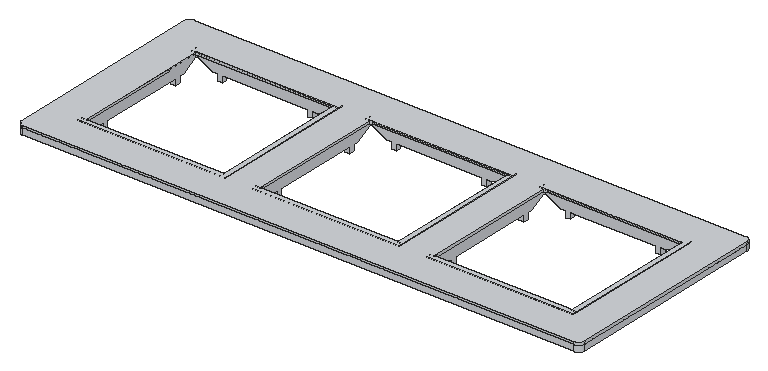
Revit family "Gira_0213095", category Electrical Fixtures, host Face, Revit 2017
Family settings
  Host = Face
  Maintain Annotation Orientation = No
  Round Connector Dimension = Use Diameter
  Part Type = Normal
  Cut with Voids When Loaded = No
  Shared = No
  Room Calculation Point = No
Parameters (values of type "Cov.fr. 3-g flat Gira E2 black m")
  URL = "http://katalog.gira.de/en/datenblatt.html?artikelnr=0213095"
  Transparent = "No"
  Name = "Cov.fr. 3-g flat Gira E2 black m"
  Manufacturer URL = "https://www.gira.de/"
  Manufacturer = "Gira"
  Label space/information surface = "No"
  Keynote = ""
  HeinzeBIM = "https://bimportal.heinze.de/bim/cov-fr-3-g-flat-gira-e2-black-m/f21f61da05f89be87c521399254bb68a1e01183b"
  HAN = "0213095"
  GTIN = "4010337036838"
  Description = "Cov.fr.3g flat E2 BKm,Gira E2 cover frame for flat installation,black matt,3-gang,"
  Default Elevation = 1219.2 mm
  Data sheet (1) = "https://katalog.gira.de/en/download.html?artikelnr=0213095"
  Category = "Cover frame for domestic switching devices"
  BIM (1) = "https://media.stage.bim.site/public/gira/36a6b08/E2flach_Rahmen_3fach.rfa"
  Available = "No"
Reference planes
  plane 1 "Center (Front/Back)": y = 0
  plane 2: z = 0
  plane 3 "Center (Left/Right)": x = 0
Forms (mm)
  Extrusion 1, solid, detail levels fine
    sketch origin (0, 0, 0) x (1, 0, 0) y (0, 1, 0)
      loop
        arc (-112.6, 43.9) -> (-114.368, 43.168) -> (-115.1, 41.4) r 2.5
        line (-115.1, 41.4) -> (-115.1, -41.4)
        arc (-115.1, -41.4) -> (-114.368, -43.168) -> (-112.6, -43.9) r 2.5
        line (-112.6, -43.9) -> (112.6, -43.9)
        arc (112.6, -43.9) -> (114.368, -43.168) -> (115.1, -41.4) r 2.5
        line (115.1, -41.4) -> (115.1, 41.4)
        arc (115.1, 41.4) -> (114.368, 43.168) -> (112.6, 43.9) r 2.5
        line (112.6, 43.9) -> (-112.6, 43.9)
      loop
        spline (-99.344, -27.245) -> (-99.336, -27.363) -> (-99.313, -27.478) -> (-99.275, -27.589) -> (-99.223, -27.695) -> (-99.158, -27.792) -> (-99.081, -27.881) -> (-98.992, -27.958) -> (-98.895, -28.023) -> (-98.789, -28.075) -> (-98.678, -28.113) -> (-98.563, -28.136) -> (-98.445, -28.144)
        line (-98.445, -28.144) -> (-43.955, -28.144)
        spline (-43.955, -28.144) -> (-43.837, -28.136) -> (-43.722, -28.113) -> (-43.611, -28.075) -> (-43.505, -28.023) -> (-43.408, -27.958) -> (-43.319, -27.881) -> (-43.242, -27.792) -> (-43.177, -27.695) -> (-43.125, -27.589) -> (-43.087, -27.478) -> (-43.064, -27.363) -> (-43.056, -27.245)
        line (-43.056, -27.245) -> (-43.056, 27.245)
        spline (-43.056, 27.245) -> (-43.064, 27.363) -> (-43.087, 27.478) -> (-43.125, 27.589) -> (-43.177, 27.695) -> (-43.242, 27.792) -> (-43.319, 27.881) -> (-43.408, 27.958) -> (-43.505, 28.023) -> (-43.611, 28.075) -> (-43.722, 28.113) -> (-43.837, 28.136) -> (-43.955, 28.144)
        line (-43.955, 28.144) -> (-98.445, 28.144)
        spline (-98.445, 28.144) -> (-98.563, 28.136) -> (-98.678, 28.113) -> (-98.789, 28.075) -> (-98.895, 28.023) -> (-98.992, 27.958) -> (-99.081, 27.881) -> (-99.158, 27.792) -> (-99.223, 27.695) -> (-99.275, 27.589) -> (-99.313, 27.478) -> (-99.336, 27.363) -> (-99.344, 27.245)
        line (-99.344, 27.245) -> (-99.344, -27.245)
      loop
        spline (98.445, -28.144) -> (98.563, -28.136) -> (98.678, -28.113) -> (98.789, -28.075) -> (98.895, -28.023) -> (98.992, -27.958) -> (99.081, -27.881) -> (99.158, -27.792) -> (99.223, -27.695) -> (99.275, -27.589) -> (99.313, -27.478) -> (99.336, -27.363) -> (99.344, -27.245)
        line (99.344, -27.245) -> (99.344, 27.245)
        spline (99.344, 27.245) -> (99.336, 27.363) -> (99.313, 27.478) -> (99.275, 27.589) -> (99.223, 27.695) -> (99.158, 27.792) -> (99.081, 27.881) -> (98.992, 27.958) -> (98.895, 28.023) -> (98.789, 28.075) -> (98.678, 28.113) -> (98.563, 28.136) -> (98.445, 28.144)
        line (98.445, 28.144) -> (43.955, 28.144)
        spline (43.955, 28.144) -> (43.837, 28.136) -> (43.722, 28.113) -> (43.611, 28.075) -> (43.505, 28.023) -> (43.408, 27.958) -> (43.319, 27.881) -> (43.242, 27.792) -> (43.177, 27.695) -> (43.125, 27.589) -> (43.087, 27.478) -> (43.064, 27.363) -> (43.056, 27.245)
        line (43.056, 27.245) -> (43.056, -27.245)
        spline (43.056, -27.245) -> (43.064, -27.363) -> (43.087, -27.478) -> (43.125, -27.589) -> (43.177, -27.695) -> (43.242, -27.792) -> (43.319, -27.881) -> (43.408, -27.958) -> (43.505, -28.023) -> (43.611, -28.075) -> (43.722, -28.113) -> (43.837, -28.136) -> (43.955, -28.144)
        line (43.955, -28.144) -> (98.445, -28.144)
      loop
        spline (-28.144, -27.245) -> (-28.136, -27.363) -> (-28.113, -27.478) -> (-28.075, -27.589) -> (-28.023, -27.695) -> (-27.958, -27.792) -> (-27.881, -27.881) -> (-27.792, -27.958) -> (-27.695, -28.023) -> (-27.589, -28.075) -> (-27.478, -28.113) -> (-27.363, -28.136) -> (-27.245, -28.144)
        line (-27.245, -28.144) -> (27.245, -28.144)
        spline (27.245, -28.144) -> (27.363, -28.136) -> (27.478, -28.113) -> (27.589, -28.075) -> (27.695, -28.023) -> (27.792, -27.958) -> (27.881, -27.881) -> (27.958, -27.792) -> (28.023, -27.695) -> (28.075, -27.589) -> (28.113, -27.478) -> (28.136, -27.363) -> (28.144, -27.245)
        line (28.144, -27.245) -> (28.144, 27.245)
        spline (28.144, 27.245) -> (28.136, 27.363) -> (28.113, 27.478) -> (28.075, 27.589) -> (28.023, 27.695) -> (27.958, 27.792) -> (27.881, 27.881) -> (27.792, 27.958) -> (27.695, 28.023) -> (27.589, 28.075) -> (27.478, 28.113) -> (27.363, 28.136) -> (27.245, 28.144)
        line (27.245, 28.144) -> (-27.245, 28.144)
        spline (-27.245, 28.144) -> (-27.363, 28.136) -> (-27.478, 28.113) -> (-27.589, 28.075) -> (-27.695, 28.023) -> (-27.792, 27.958) -> (-27.881, 27.881) -> (-27.958, 27.792) -> (-28.023, 27.695) -> (-28.075, 27.589) -> (-28.113, 27.478) -> (-28.136, 27.363) -> (-28.144, 27.245)
        line (-28.144, 27.245) -> (-28.144, -27.245)
    from 2.5 to 3.4
  Extrusion 2, solid, detail levels fine
    sketch origin (0, 0, 0) x (1, 0, 0) y (0, 1, 0)
      loop
        arc (-112.6, 43.9) -> (-114.368, 43.168) -> (-115.1, 41.4) r 2.5
        line (-115.1, 41.4) -> (-115.1, -41.4)
        arc (-115.1, -41.4) -> (-114.368, -43.168) -> (-112.6, -43.9) r 2.5
        line (-112.6, -43.9) -> (112.6, -43.9)
        arc (112.6, -43.9) -> (114.368, -43.168) -> (115.1, -41.4) r 2.5
        line (115.1, -41.4) -> (115.1, 41.4)
        arc (115.1, 41.4) -> (114.368, 43.168) -> (112.6, 43.9) r 2.5
        line (112.6, 43.9) -> (-112.6, 43.9)
      loop
        arc (-112.6, 43.4) -> (-114.014, 42.814) -> (-114.6, 41.4) r 2
        line (-114.6, 41.4) -> (-114.6, -41.4)
        arc (-114.6, -41.4) -> (-114.014, -42.814) -> (-112.6, -43.4) r 2
        line (-112.6, -43.4) -> (112.6, -43.4)
        arc (112.6, -43.4) -> (114.014, -42.814) -> (114.6, -41.4) r 2
        line (114.6, -41.4) -> (114.6, 41.4)
        arc (114.6, 41.4) -> (114.014, 42.814) -> (112.6, 43.4) r 2
        line (112.6, 43.4) -> (-112.6, 43.4)
    from 0 to 2.5
  Extrusion 3, solid, detail levels fine
    sketch origin (-71.2, 0, 0) x (1, 0, 0) y (0, 0, 1)
      loop
        line (-17.5, -4.06) -> (-17.5, -1.56) -> (17.5, -1.56) -> (17.5, -4.06) -> (19.5, -4.06) -> (19.5, -1.56) -> (21.654, -1.56) -> (27.214, 1.65) -> (30, 1.65) -> (30, 3.4) -> (-30, 3.4) -> (-30, 1.65) -> (-27.214, 1.65) -> (-21.654, -1.56) -> (-19.5, -1.56) -> (-19.5, -4.06) -> (-17.5, -4.06)
    from 28.144 to 30
  Extrusion 4, solid, detail levels fine
    sketch origin (-71.2, 0, 0) x (0, -1, 0) y (0, 0, -1)
      loop
        line (-17.5, 4.06) -> (-19.5, 4.06) -> (-19.5, 1.56) -> (-21.654, 1.56) -> (-27.214, -1.65) -> (-28.144, -1.65) -> (-28.144, -3.4) -> (28.144, -3.4) -> (28.144, -1.65) -> (27.214, -1.65) -> (21.654, 1.56) -> (19.5, 1.56) -> (19.5, 4.06) -> (17.5, 4.06) -> (17.5, 1.56) -> (-17.5, 1.56) -> (-17.5, 4.06)
    from 28.144 to 30
  Extrusion 5, solid, detail levels medium
    sketch origin (-71.2, 0, 0) x (0, -1, 0) y (0, 0, 1)
      loop
        line (-17.5, -4.06) -> (-17.5, -1.56) -> (17.5, -1.56) -> (17.5, -4.06) -> (19.5, -4.06) -> (19.5, -1.56) -> (28.144, -1.56) -> (28.144, 3.4) -> (-28.144, 3.4) -> (-28.144, -1.56) -> (-19.5, -1.56) -> (-19.5, -4.06) -> (-17.5, -4.06)
    from 28.144 to 30
  Extrusion 6, solid, detail levels fine
    sketch origin (-71.2, 0, 0) x (1, 0, 0) y (0, 0, -1)
      loop
        line (-17.5, 4.06) -> (-19.5, 4.06) -> (-19.5, 1.56) -> (-21.654, 1.56) -> (-27.214, -1.65) -> (-30, -1.65) -> (-30, -3.4) -> (30, -3.4) -> (30, -1.65) -> (27.214, -1.65) -> (21.654, 1.56) -> (19.5, 1.56) -> (19.5, 4.06) -> (17.5, 4.06) -> (17.5, 1.56) -> (-17.5, 1.56) -> (-17.5, 4.06)
    from 28.144 to 30
  Extrusion 7, solid, detail levels coarse
    sketch origin (0, 0, 0) x (1, 0, 0) y (0, 1, 0)
      loop
        line (-115.1, 43.9) -> (-115.1, -43.9) -> (115.1, -43.9) -> (115.1, 43.9) -> (-115.1, 43.9)
    from -4.06 to 3.4
  Extrusion 8, solid, detail levels medium
    sketch origin (0, 0, 0) x (1, 0, 0) y (0, 1, 0)
      loop
        line (-115.1, 43.9) -> (-115.1, -43.9) -> (115.1, -43.9) -> (115.1, 43.9) -> (-115.1, 43.9)
    from 0 to 3.4
  Extrusion 9, solid, detail levels medium
    sketch origin (-71.2, 0, 0) x (1, 0, 0) y (0, 0, 1)
      loop
        line (-17.5, -4.06) -> (-17.5, -1.56) -> (17.5, -1.56) -> (17.5, -4.06) -> (19.5, -4.06) -> (19.5, -1.56) -> (30, -1.56) -> (30, 3.4) -> (-30, 3.4) -> (-30, -1.56) -> (-19.5, -1.56) -> (-19.5, -4.06) -> (-17.5, -4.06)
    from 28.144 to 30
  Extrusion 10, solid, detail levels medium
    sketch origin (-71.2, 0, 0) x (1, 0, 0) y (0, 0, -1)
      loop
        line (-17.5, 4.06) -> (-19.5, 4.06) -> (-19.5, 1.56) -> (-30, 1.56) -> (-30, -3.4) -> (30, -3.4) -> (30, 1.56) -> (19.5, 1.56) -> (19.5, 4.06) -> (17.5, 4.06) -> (17.5, 1.56) -> (-17.5, 1.56) -> (-17.5, 4.06)
    from 28.144 to 30
  Extrusion 11, solid, detail levels medium
    sketch origin (-71.2, 0, 0) x (0, -1, 0) y (0, 0, -1)
      loop
        line (-17.5, 4.06) -> (-19.5, 4.06) -> (-19.5, 1.56) -> (-28.144, 1.56) -> (-28.144, -3.4) -> (28.144, -3.4) -> (28.144, 1.56) -> (19.5, 1.56) -> (19.5, 4.06) -> (17.5, 4.06) -> (17.5, 1.56) -> (-17.5, 1.56) -> (-17.5, 4.06)
    from 28.144 to 30
  Extrusion 12, solid, detail levels fine
    sketch origin (71.2, 0, 0) x (-1, 0, 0) y (0, 0, -1)
      loop
        line (-17.5, 4.06) -> (-19.5, 4.06) -> (-19.5, 1.56) -> (-21.654, 1.56) -> (-27.214, -1.65) -> (-30, -1.65) -> (-30, -3.4) -> (30, -3.4) -> (30, -1.65) -> (27.214, -1.65) -> (21.654, 1.56) -> (19.5, 1.56) -> (19.5, 4.06) -> (17.5, 4.06) -> (17.5, 1.56) -> (-17.5, 1.56) -> (-17.5, 4.06)
    from 28.144 to 30
  Extrusion 13, solid, detail levels fine
    sketch origin (71.2, 0, 0) x (0, -1, 0) y (0, 0, 1)
      loop
        line (-17.5, -4.06) -> (-17.5, -1.56) -> (17.5, -1.56) -> (17.5, -4.06) -> (19.5, -4.06) -> (19.5, -1.56) -> (21.654, -1.56) -> (27.214, 1.65) -> (28.144, 1.65) -> (28.144, 3.4) -> (-28.144, 3.4) -> (-28.144, 1.65) -> (-27.214, 1.65) -> (-21.654, -1.56) -> (-19.5, -1.56) -> (-19.5, -4.06) -> (-17.5, -4.06)
    from 28.144 to 30
  Extrusion 14, solid, detail levels medium
    sketch origin (71.2, 0, 0) x (0, -1, 0) y (0, 0, -1)
      loop
        line (-17.5, 4.06) -> (-19.5, 4.06) -> (-19.5, 1.56) -> (-28.144, 1.56) -> (-28.144, -3.4) -> (28.144, -3.4) -> (28.144, 1.56) -> (19.5, 1.56) -> (19.5, 4.06) -> (17.5, 4.06) -> (17.5, 1.56) -> (-17.5, 1.56) -> (-17.5, 4.06)
    from 28.144 to 30
  Extrusion 15, solid, detail levels fine
    sketch origin (71.2, 0, 0) x (-1, 0, 0) y (0, 0, 1)
      loop
        line (-17.5, -4.06) -> (-17.5, -1.56) -> (17.5, -1.56) -> (17.5, -4.06) -> (19.5, -4.06) -> (19.5, -1.56) -> (21.654, -1.56) -> (27.214, 1.65) -> (30, 1.65) -> (30, 3.4) -> (-30, 3.4) -> (-30, 1.65) -> (-27.214, 1.65) -> (-21.654, -1.56) -> (-19.5, -1.56) -> (-19.5, -4.06) -> (-17.5, -4.06)
    from 28.144 to 30
  Extrusion 16, solid, detail levels medium
    sketch origin (71.2, 0, 0) x (-1, 0, 0) y (0, 0, -1)
      loop
        line (-17.5, 4.06) -> (-19.5, 4.06) -> (-19.5, 1.56) -> (-30, 1.56) -> (-30, -3.4) -> (30, -3.4) -> (30, 1.56) -> (19.5, 1.56) -> (19.5, 4.06) -> (17.5, 4.06) -> (17.5, 1.56) -> (-17.5, 1.56) -> (-17.5, 4.06)
    from 28.144 to 30
  Extrusion 17, solid, detail levels medium
    sketch origin (71.2, 0, 0) x (-1, 0, 0) y (0, 0, 1)
      loop
        line (-17.5, -4.06) -> (-17.5, -1.56) -> (17.5, -1.56) -> (17.5, -4.06) -> (19.5, -4.06) -> (19.5, -1.56) -> (30, -1.56) -> (30, 3.4) -> (-30, 3.4) -> (-30, -1.56) -> (-19.5, -1.56) -> (-19.5, -4.06) -> (-17.5, -4.06)
    from 28.144 to 30
  Extrusion 18, solid, detail levels medium
    sketch origin (71.2, 0, 0) x (0, -1, 0) y (0, 0, 1)
      loop
        line (-17.5, -4.06) -> (-17.5, -1.56) -> (17.5, -1.56) -> (17.5, -4.06) -> (19.5, -4.06) -> (19.5, -1.56) -> (28.144, -1.56) -> (28.144, 3.4) -> (-28.144, 3.4) -> (-28.144, -1.56) -> (-19.5, -1.56) -> (-19.5, -4.06) -> (-17.5, -4.06)
    from 28.144 to 30
  Extrusion 19, solid, detail levels fine
    sketch origin (-129.344, 0, 0) x (0, -1, 0) y (0, 0, -1)
      loop
        line (-17.5, 4.06) -> (-19.5, 4.06) -> (-19.5, 1.56) -> (-21.654, 1.56) -> (-27.214, -1.65) -> (-28.144, -1.65) -> (-28.144, -3.4) -> (28.144, -3.4) -> (28.144, -1.65) -> (27.214, -1.65) -> (21.654, 1.56) -> (19.5, 1.56) -> (19.5, 4.06) -> (17.5, 4.06) -> (17.5, 1.56) -> (-17.5, 1.56) -> (-17.5, 4.06)
    from 28.144 to 30
  Extrusion 20, solid, detail levels fine
    sketch origin (129.344, 0, 0) x (0, -1, 0) y (0, 0, 1)
      loop
        line (-17.5, -4.06) -> (-17.5, -1.56) -> (17.5, -1.56) -> (17.5, -4.06) -> (19.5, -4.06) -> (19.5, -1.56) -> (21.654, -1.56) -> (27.214, 1.65) -> (28.144, 1.65) -> (28.144, 3.4) -> (-28.144, 3.4) -> (-28.144, 1.65) -> (-27.214, 1.65) -> (-21.654, -1.56) -> (-19.5, -1.56) -> (-19.5, -4.06) -> (-17.5, -4.06)
    from 28.144 to 30
  Extrusion 21, solid, detail levels fine
    sketch origin (0, 0, 0) x (-1, 0, 0) y (0, 0, -1)
      loop
        line (-17.5, 4.06) -> (-19.5, 4.06) -> (-19.5, 1.56) -> (-21.654, 1.56) -> (-27.214, -1.65) -> (-30, -1.65) -> (-30, -3.4) -> (30, -3.4) -> (30, -1.65) -> (27.214, -1.65) -> (21.654, 1.56) -> (19.5, 1.56) -> (19.5, 4.06) -> (17.5, 4.06) -> (17.5, 1.56) -> (-17.5, 1.56) -> (-17.5, 4.06)
    from 28.144 to 30
  Extrusion 22, solid, detail levels fine
    sketch origin (0, 0, 0) x (0, -1, 0) y (0, 0, 1)
      loop
        line (-17.5, -4.06) -> (-17.5, -1.56) -> (17.5, -1.56) -> (17.5, -4.06) -> (19.5, -4.06) -> (19.5, -1.56) -> (21.654, -1.56) -> (27.214, 1.65) -> (28.144, 1.65) -> (28.144, 3.4) -> (-28.144, 3.4) -> (-28.144, 1.65) -> (-27.214, 1.65) -> (-21.654, -1.56) -> (-19.5, -1.56) -> (-19.5, -4.06) -> (-17.5, -4.06)
    from 28.144 to 30
  Extrusion 23, solid, detail levels medium
    sketch origin (0, 0, 0) x (0, -1, 0) y (0, 0, -1)
      loop
        line (-17.5, 4.06) -> (-19.5, 4.06) -> (-19.5, 1.56) -> (-28.144, 1.56) -> (-28.144, -3.4) -> (28.144, -3.4) -> (28.144, 1.56) -> (19.5, 1.56) -> (19.5, 4.06) -> (17.5, 4.06) -> (17.5, 1.56) -> (-17.5, 1.56) -> (-17.5, 4.06)
    from 28.144 to 30
  Extrusion 24, solid, detail levels fine
    sketch origin (0, 0, 0) x (-1, 0, 0) y (0, 0, 1)
      loop
        line (-17.5, -4.06) -> (-17.5, -1.56) -> (17.5, -1.56) -> (17.5, -4.06) -> (19.5, -4.06) -> (19.5, -1.56) -> (21.654, -1.56) -> (27.214, 1.65) -> (30, 1.65) -> (30, 3.4) -> (-30, 3.4) -> (-30, 1.65) -> (-27.214, 1.65) -> (-21.654, -1.56) -> (-19.5, -1.56) -> (-19.5, -4.06) -> (-17.5, -4.06)
    from 28.144 to 30
  Extrusion 25, solid, detail levels medium
    sketch origin (0, 0, 0) x (-1, 0, 0) y (0, 0, -1)
      loop
        line (-17.5, 4.06) -> (-19.5, 4.06) -> (-19.5, 1.56) -> (-30, 1.56) -> (-30, -3.4) -> (30, -3.4) -> (30, 1.56) -> (19.5, 1.56) -> (19.5, 4.06) -> (17.5, 4.06) -> (17.5, 1.56) -> (-17.5, 1.56) -> (-17.5, 4.06)
    from 28.144 to 30
  Extrusion 26, solid, detail levels medium
    sketch origin (0, 0, 0) x (-1, 0, 0) y (0, 0, 1)
      loop
        line (-17.5, -4.06) -> (-17.5, -1.56) -> (17.5, -1.56) -> (17.5, -4.06) -> (19.5, -4.06) -> (19.5, -1.56) -> (30, -1.56) -> (30, 3.4) -> (-30, 3.4) -> (-30, -1.56) -> (-19.5, -1.56) -> (-19.5, -4.06) -> (-17.5, -4.06)
    from 28.144 to 30
  Extrusion 27, solid, detail levels medium
    sketch origin (0, 0, 0) x (0, -1, 0) y (0, 0, 1)
      loop
        line (-17.5, -4.06) -> (-17.5, -1.56) -> (17.5, -1.56) -> (17.5, -4.06) -> (19.5, -4.06) -> (19.5, -1.56) -> (28.144, -1.56) -> (28.144, 3.4) -> (-28.144, 3.4) -> (-28.144, -1.56) -> (-19.5, -1.56) -> (-19.5, -4.06) -> (-17.5, -4.06)
    from 28.144 to 30
  Extrusion 28, solid, detail levels fine
    sketch origin (58.144, 0, 0) x (0, -1, 0) y (0, 0, 1)
      loop
        line (-17.5, -4.06) -> (-17.5, -1.56) -> (17.5, -1.56) -> (17.5, -4.06) -> (19.5, -4.06) -> (19.5, -1.56) -> (21.654, -1.56) -> (27.214, 1.65) -> (28.144, 1.65) -> (28.144, 3.4) -> (-28.144, 3.4) -> (-28.144, 1.65) -> (-27.214, 1.65) -> (-21.654, -1.56) -> (-19.5, -1.56) -> (-19.5, -4.06) -> (-17.5, -4.06)
    from 28.144 to 30
Dimensions and locks
  aligned and locked: plane 2 to host face
  aligned and locked: level to host face
